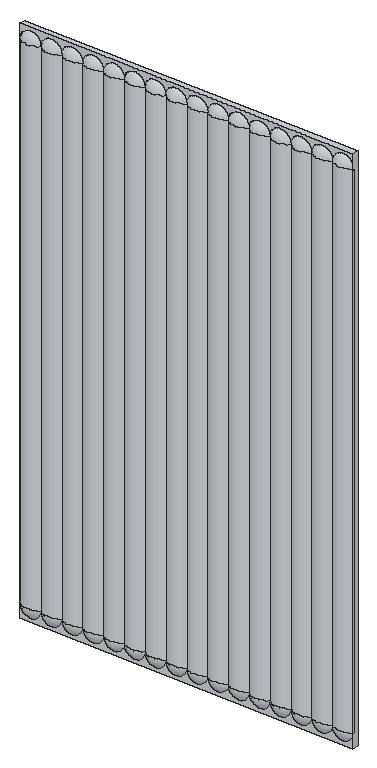
Revit family "OracDecor_W215", category Обобщенные модели, Revit 2019
Family settings
  Может служить основой для арматурных стержней = Нет
  Размер круглого соединителя = Использовать диаметр
  Тип детали = Нормальный
  На основе рабочей плоскости = Нет
  Всегда вертикально = Да
  При загрузке вырезать с полостями = Нет
  Общий = Нет
  Точка расчета площади = Нет
Parameters
  Изготовитель = "Family from POCHERTEAM"  # constant formula
  URL = "t.me/pocherteam"
Reference planes
  plane 1 "По центру (Вперед/Назад)": y = 0
  plane 2: z = 0
  plane 3 "По центру (Влево/Вправо)": x = 0
Forms (mm)
  Extrusion 1, solid
    sketch origin (0, 0, 0) x (1, 0, 0) y (0, 1, 0)
      loop
        line (0, 0) -> (0, -8) -> (500, -8) -> (500, 0) -> (0, 0)
    from 0 to 800
  Extrusion 2, solid
    sketch origin (0, 0, 0) x (1, 0, 0) y (0, 1, 0)
      loop
        arc (0, -8) -> (15.625, -14.7) -> (31.25, -8) r 21.57
        arc (31.25, -8) -> (46.875, -14.7) -> (62.5, -8) r 21.57
        arc (62.5, -8) -> (78.125, -14.7) -> (93.75, -8) r 21.57
        arc (93.75, -8) -> (109.375, -14.7) -> (125, -8) r 21.57
        arc (125, -8) -> (140.625, -14.7) -> (156.25, -8) r 21.57
        arc (156.25, -8) -> (171.875, -14.7) -> (187.5, -8) r 21.57
        arc (187.5, -8) -> (203.125, -14.7) -> (218.75, -8) r 21.57
        arc (218.75, -8) -> (234.375, -14.7) -> (250, -8) r 21.57
        arc (250, -8) -> (265.625, -14.7) -> (281.25, -8) r 21.57
        arc (281.25, -8) -> (296.875, -14.7) -> (312.5, -8) r 21.57
        arc (312.5, -8) -> (328.125, -14.7) -> (343.75, -8) r 21.57
        arc (343.75, -8) -> (359.375, -14.7) -> (375, -8) r 21.57
        arc (375, -8) -> (390.625, -14.7) -> (406.25, -8) r 21.57
        arc (406.25, -8) -> (421.875, -14.7) -> (437.5, -8) r 21.57
        arc (437.5, -8) -> (453.125, -14.7) -> (468.75, -8) r 21.57
        arc (468.75, -8) -> (484.375, -14.7) -> (500, -8) r 21.57
        line (500, -8) -> (500, -7.048) -> (0, -7.048) -> (0, -8)
    from 20.625 to 779.4
  Revolve 3, solid
    sketch origin (0, 0, 20.625) x (1, 0, 0) y (0, 1, 0)
      loop
        line (15.625, -8) -> (0, -8)
        arc (0, -8) -> (7.125, -12.954) -> (15.625, -14.7) r 21.57
        line (15.625, -14.7) -> (15.625, -8)
      axis (15.625, -8) -> (15.625, -14.7)
    angle from 0 to 180
  Revolve 4, solid
    sketch origin (31.25, 0, 20.625) x (1, 0, 0) y (0, 1, 0)
      loop
        line (15.625, -8) -> (0, -8)
        arc (0, -8) -> (7.125, -12.954) -> (15.625, -14.7) r 21.57
        line (15.625, -14.7) -> (15.625, -8)
      axis (15.625, -8) -> (15.625, -14.7)
    angle from 0 to 180
  Revolve 5, solid
    sketch origin (62.5, 0, 20.625) x (1, 0, 0) y (0, 1, 0)
      loop
        line (15.625, -8) -> (0, -8)
        arc (0, -8) -> (7.125, -12.954) -> (15.625, -14.7) r 21.57
        line (15.625, -14.7) -> (15.625, -8)
      axis (15.625, -8) -> (15.625, -14.7)
    angle from 0 to 180
  Revolve 6, solid
    sketch origin (93.75, 0, 20.625) x (1, 0, 0) y (0, 1, 0)
      loop
        line (15.625, -8) -> (0, -8)
        arc (0, -8) -> (7.125, -12.954) -> (15.625, -14.7) r 21.57
        line (15.625, -14.7) -> (15.625, -8)
      axis (15.625, -8) -> (15.625, -14.7)
    angle from 0 to 180
  Revolve 7, solid
    sketch origin (125, 0, 20.625) x (1, 0, 0) y (0, 1, 0)
      loop
        line (15.625, -8) -> (0, -8)
        arc (0, -8) -> (7.125, -12.954) -> (15.625, -14.7) r 21.57
        line (15.625, -14.7) -> (15.625, -8)
      axis (15.625, -8) -> (15.625, -14.7)
    angle from 0 to 180
  Revolve 8, solid
    sketch origin (156.25, 0, 20.625) x (1, 0, 0) y (0, 1, 0)
      loop
        line (15.625, -8) -> (0, -8)
        arc (0, -8) -> (7.125, -12.954) -> (15.625, -14.7) r 21.57
        line (15.625, -14.7) -> (15.625, -8)
      axis (15.625, -8) -> (15.625, -14.7)
    angle from 0 to 180
  Revolve 9, solid
    sketch origin (187.5, 0, 20.625) x (1, 0, 0) y (0, 1, 0)
      loop
        line (15.625, -8) -> (0, -8)
        arc (0, -8) -> (7.125, -12.954) -> (15.625, -14.7) r 21.57
        line (15.625, -14.7) -> (15.625, -8)
      axis (15.625, -8) -> (15.625, -14.7)
    angle from 0 to 180
  Revolve 10, solid
    sketch origin (218.75, 0, 20.625) x (1, 0, 0) y (0, 1, 0)
      loop
        line (15.625, -8) -> (0, -8)
        arc (0, -8) -> (7.125, -12.954) -> (15.625, -14.7) r 21.57
        line (15.625, -14.7) -> (15.625, -8)
      axis (15.625, -8) -> (15.625, -14.7)
    angle from 0 to 180
  Revolve 11, solid
    sketch origin (250, 0, 20.625) x (1, 0, 0) y (0, 1, 0)
      loop
        line (15.625, -8) -> (0, -8)
        arc (0, -8) -> (7.125, -12.954) -> (15.625, -14.7) r 21.57
        line (15.625, -14.7) -> (15.625, -8)
      axis (15.625, -8) -> (15.625, -14.7)
    angle from 0 to 180
  Revolve 12, solid
    sketch origin (281.25, 0, 20.625) x (1, 0, 0) y (0, 1, 0)
      loop
        line (15.625, -8) -> (0, -8)
        arc (0, -8) -> (7.125, -12.954) -> (15.625, -14.7) r 21.57
        line (15.625, -14.7) -> (15.625, -8)
      axis (15.625, -8) -> (15.625, -14.7)
    angle from 0 to 180
  Revolve 13, solid
    sketch origin (312.5, 0, 20.625) x (1, 0, 0) y (0, 1, 0)
      loop
        line (15.625, -8) -> (0, -8)
        arc (0, -8) -> (7.125, -12.954) -> (15.625, -14.7) r 21.57
        line (15.625, -14.7) -> (15.625, -8)
      axis (15.625, -8) -> (15.625, -14.7)
    angle from 0 to 180
  Revolve 14, solid
    sketch origin (343.75, 0, 20.625) x (1, 0, 0) y (0, 1, 0)
      loop
        line (15.625, -8) -> (0, -8)
        arc (0, -8) -> (7.125, -12.954) -> (15.625, -14.7) r 21.57
        line (15.625, -14.7) -> (15.625, -8)
      axis (15.625, -8) -> (15.625, -14.7)
    angle from 0 to 180
  Revolve 15, solid
    sketch origin (375, 0, 20.625) x (1, 0, 0) y (0, 1, 0)
      loop
        line (15.625, -8) -> (0, -8)
        arc (0, -8) -> (7.125, -12.954) -> (15.625, -14.7) r 21.57
        line (15.625, -14.7) -> (15.625, -8)
      axis (15.625, -8) -> (15.625, -14.7)
    angle from 0 to 180
  Revolve 16, solid
    sketch origin (406.25, 0, 20.625) x (1, 0, 0) y (0, 1, 0)
      loop
        line (15.625, -8) -> (0, -8)
        arc (0, -8) -> (7.125, -12.954) -> (15.625, -14.7) r 21.57
        line (15.625, -14.7) -> (15.625, -8)
      axis (15.625, -8) -> (15.625, -14.7)
    angle from 0 to 180
  Revolve 17, solid
    sketch origin (437.5, 0, 20.625) x (1, 0, 0) y (0, 1, 0)
      loop
        line (15.625, -8) -> (0, -8)
        arc (0, -8) -> (7.125, -12.954) -> (15.625, -14.7) r 21.57
        line (15.625, -14.7) -> (15.625, -8)
      axis (15.625, -8) -> (15.625, -14.7)
    angle from 0 to 180
  Revolve 18, solid
    sketch origin (468.75, 0, 20.625) x (1, 0, 0) y (0, 1, 0)
      loop
        line (15.625, -8) -> (0, -8)
        arc (0, -8) -> (7.125, -12.954) -> (15.625, -14.7) r 21.57
        line (15.625, -14.7) -> (15.625, -8)
      axis (15.625, -8) -> (15.625, -14.7)
    angle from 0 to 180
  Revolve 19, solid
    sketch origin (0, 0, 779.4) x (0, -1, 0) y (1, 0, 0)
      loop
        line (8, 15.625) -> (8, 0)
        arc (8, 0) -> (12.954, 7.125) -> (14.7, 15.625) r 21.57
        line (14.7, 15.625) -> (8, 15.625)
      axis (8, 15.625) -> (14.7, 15.625)
    angle from 180 to 360
  Revolve 20, solid
    sketch origin (31.25, 0, 779.4) x (0, -1, 0) y (1, 0, 0)
      loop
        line (8, 15.625) -> (8, 0)
        arc (8, 0) -> (12.954, 7.125) -> (14.7, 15.625) r 21.57
        line (14.7, 15.625) -> (8, 15.625)
      axis (8, 15.625) -> (14.7, 15.625)
    angle from 180 to 360
  Revolve 21, solid
    sketch origin (62.5, 0, 779.4) x (0, -1, 0) y (1, 0, 0)
      loop
        line (8, 15.625) -> (8, 0)
        arc (8, 0) -> (12.954, 7.125) -> (14.7, 15.625) r 21.57
        line (14.7, 15.625) -> (8, 15.625)
      axis (8, 15.625) -> (14.7, 15.625)
    angle from 180 to 360
  Revolve 22, solid
    sketch origin (93.75, 0, 779.4) x (0, -1, 0) y (1, 0, 0)
      loop
        line (8, 15.625) -> (8, 0)
        arc (8, 0) -> (12.954, 7.125) -> (14.7, 15.625) r 21.57
        line (14.7, 15.625) -> (8, 15.625)
      axis (8, 15.625) -> (14.7, 15.625)
    angle from 180 to 360
  Revolve 23, solid
    sketch origin (125, 0, 779.4) x (0, -1, 0) y (1, 0, 0)
      loop
        line (8, 15.625) -> (8, 0)
        arc (8, 0) -> (12.954, 7.125) -> (14.7, 15.625) r 21.57
        line (14.7, 15.625) -> (8, 15.625)
      axis (8, 15.625) -> (14.7, 15.625)
    angle from 180 to 360
  Revolve 24, solid
    sketch origin (156.25, 0, 779.4) x (0, -1, 0) y (1, 0, 0)
      loop
        line (8, 15.625) -> (8, 0)
        arc (8, 0) -> (12.954, 7.125) -> (14.7, 15.625) r 21.57
        line (14.7, 15.625) -> (8, 15.625)
      axis (8, 15.625) -> (14.7, 15.625)
    angle from 180 to 360
  Revolve 25, solid
    sketch origin (187.5, 0, 779.4) x (0, -1, 0) y (1, 0, 0)
      loop
        line (8, 15.625) -> (8, 0)
        arc (8, 0) -> (12.954, 7.125) -> (14.7, 15.625) r 21.57
        line (14.7, 15.625) -> (8, 15.625)
      axis (8, 15.625) -> (14.7, 15.625)
    angle from 180 to 360
  Revolve 26, solid
    sketch origin (218.75, 0, 779.4) x (0, -1, 0) y (1, 0, 0)
      loop
        line (8, 15.625) -> (8, 0)
        arc (8, 0) -> (12.954, 7.125) -> (14.7, 15.625) r 21.57
        line (14.7, 15.625) -> (8, 15.625)
      axis (8, 15.625) -> (14.7, 15.625)
    angle from 180 to 360
  Revolve 27, solid
    sketch origin (250, 0, 779.4) x (0, -1, 0) y (1, 0, 0)
      loop
        line (8, 15.625) -> (8, 0)
        arc (8, 0) -> (12.954, 7.125) -> (14.7, 15.625) r 21.57
        line (14.7, 15.625) -> (8, 15.625)
      axis (8, 15.625) -> (14.7, 15.625)
    angle from 180 to 360
  Revolve 28, solid
    sketch origin (281.25, 0, 779.4) x (0, -1, 0) y (1, 0, 0)
      loop
        line (8, 15.625) -> (8, 0)
        arc (8, 0) -> (12.954, 7.125) -> (14.7, 15.625) r 21.57
        line (14.7, 15.625) -> (8, 15.625)
      axis (8, 15.625) -> (14.7, 15.625)
    angle from 180 to 360
  Revolve 29, solid
    sketch origin (312.5, 0, 779.4) x (0, -1, 0) y (1, 0, 0)
      loop
        line (8, 15.625) -> (8, 0)
        arc (8, 0) -> (12.954, 7.125) -> (14.7, 15.625) r 21.57
        line (14.7, 15.625) -> (8, 15.625)
      axis (8, 15.625) -> (14.7, 15.625)
    angle from 180 to 360
  Revolve 30, solid
    sketch origin (343.75, 0, 779.4) x (0, -1, 0) y (1, 0, 0)
      loop
        line (8, 15.625) -> (8, 0)
        arc (8, 0) -> (12.954, 7.125) -> (14.7, 15.625) r 21.57
        line (14.7, 15.625) -> (8, 15.625)
      axis (8, 15.625) -> (14.7, 15.625)
    angle from 180 to 360
  Revolve 31, solid
    sketch origin (375, 0, 779.4) x (0, -1, 0) y (1, 0, 0)
      loop
        line (8, 15.625) -> (8, 0)
        arc (8, 0) -> (12.954, 7.125) -> (14.7, 15.625) r 21.57
        line (14.7, 15.625) -> (8, 15.625)
      axis (8, 15.625) -> (14.7, 15.625)
    angle from 180 to 360
  Revolve 32, solid
    sketch origin (406.25, 0, 779.4) x (0, -1, 0) y (1, 0, 0)
      loop
        line (8, 15.625) -> (8, 0)
        arc (8, 0) -> (12.954, 7.125) -> (14.7, 15.625) r 21.57
        line (14.7, 15.625) -> (8, 15.625)
      axis (8, 15.625) -> (14.7, 15.625)
    angle from 180 to 360
  Revolve 33, solid
    sketch origin (437.5, 0, 779.4) x (0, -1, 0) y (1, 0, 0)
      loop
        line (8, 15.625) -> (8, 0)
        arc (8, 0) -> (12.954, 7.125) -> (14.7, 15.625) r 21.57
        line (14.7, 15.625) -> (8, 15.625)
      axis (8, 15.625) -> (14.7, 15.625)
    angle from 180 to 360
  Revolve 34, solid
    sketch origin (468.75, 0, 779.4) x (0, -1, 0) y (1, 0, 0)
      loop
        line (8, 15.625) -> (8, 0)
        arc (8, 0) -> (12.954, 7.125) -> (14.7, 15.625) r 21.57
        line (14.7, 15.625) -> (8, 15.625)
      axis (8, 15.625) -> (14.7, 15.625)
    angle from 180 to 360
  Revolve 35, solid
    sketch origin (0, 0, 779.4) x (1, 0, 0) y (0, 1, 0)
      loop
        line (15.625, -8) -> (0, -8)
        arc (0, -8) -> (7.125, -12.954) -> (15.625, -14.7) r 21.57
        line (15.625, -14.7) -> (15.625, -8)
      axis (15.625, -8) -> (15.625, -14.7)
    angle from 180 to 360
  Revolve 36, solid
    sketch origin (31.25, 0, 779.4) x (1, 0, 0) y (0, 1, 0)
      loop
        line (15.625, -8) -> (0, -8)
        arc (0, -8) -> (7.125, -12.954) -> (15.625, -14.7) r 21.57
        line (15.625, -14.7) -> (15.625, -8)
      axis (15.625, -8) -> (15.625, -14.7)
    angle from 180 to 360
  Revolve 37, solid
    sketch origin (62.5, 0, 779.4) x (1, 0, 0) y (0, 1, 0)
      loop
        line (15.625, -8) -> (0, -8)
        arc (0, -8) -> (7.125, -12.954) -> (15.625, -14.7) r 21.57
        line (15.625, -14.7) -> (15.625, -8)
      axis (15.625, -8) -> (15.625, -14.7)
    angle from 180 to 360
  Revolve 38, solid
    sketch origin (93.75, 0, 779.4) x (1, 0, 0) y (0, 1, 0)
      loop
        line (15.625, -8) -> (0, -8)
        arc (0, -8) -> (7.125, -12.954) -> (15.625, -14.7) r 21.57
        line (15.625, -14.7) -> (15.625, -8)
      axis (15.625, -8) -> (15.625, -14.7)
    angle from 180 to 360
  Revolve 39, solid
    sketch origin (125, 0, 779.4) x (1, 0, 0) y (0, 1, 0)
      loop
        line (15.625, -8) -> (0, -8)
        arc (0, -8) -> (7.125, -12.954) -> (15.625, -14.7) r 21.57
        line (15.625, -14.7) -> (15.625, -8)
      axis (15.625, -8) -> (15.625, -14.7)
    angle from 180 to 360
  Revolve 40, solid
    sketch origin (156.25, 0, 779.4) x (1, 0, 0) y (0, 1, 0)
      loop
        line (15.625, -8) -> (0, -8)
        arc (0, -8) -> (7.125, -12.954) -> (15.625, -14.7) r 21.57
        line (15.625, -14.7) -> (15.625, -8)
      axis (15.625, -8) -> (15.625, -14.7)
    angle from 180 to 360
  Revolve 41, solid
    sketch origin (187.5, 0, 779.4) x (1, 0, 0) y (0, 1, 0)
      loop
        line (15.625, -8) -> (0, -8)
        arc (0, -8) -> (7.125, -12.954) -> (15.625, -14.7) r 21.57
        line (15.625, -14.7) -> (15.625, -8)
      axis (15.625, -8) -> (15.625, -14.7)
    angle from 180 to 360
  Revolve 42, solid
    sketch origin (218.75, 0, 779.4) x (1, 0, 0) y (0, 1, 0)
      loop
        line (15.625, -8) -> (0, -8)
        arc (0, -8) -> (7.125, -12.954) -> (15.625, -14.7) r 21.57
        line (15.625, -14.7) -> (15.625, -8)
      axis (15.625, -8) -> (15.625, -14.7)
    angle from 180 to 360
  Revolve 43, solid
    sketch origin (250, 0, 779.4) x (1, 0, 0) y (0, 1, 0)
      loop
        line (15.625, -8) -> (0, -8)
        arc (0, -8) -> (7.125, -12.954) -> (15.625, -14.7) r 21.57
        line (15.625, -14.7) -> (15.625, -8)
      axis (15.625, -8) -> (15.625, -14.7)
    angle from 180 to 360
  Revolve 44, solid
    sketch origin (281.25, 0, 779.4) x (1, 0, 0) y (0, 1, 0)
      loop
        line (15.625, -8) -> (0, -8)
        arc (0, -8) -> (7.125, -12.954) -> (15.625, -14.7) r 21.57
        line (15.625, -14.7) -> (15.625, -8)
      axis (15.625, -8) -> (15.625, -14.7)
    angle from 180 to 360
  Revolve 45, solid
    sketch origin (312.5, 0, 779.4) x (1, 0, 0) y (0, 1, 0)
      loop
        line (15.625, -8) -> (0, -8)
        arc (0, -8) -> (7.125, -12.954) -> (15.625, -14.7) r 21.57
        line (15.625, -14.7) -> (15.625, -8)
      axis (15.625, -8) -> (15.625, -14.7)
    angle from 180 to 360
  Revolve 46, solid
    sketch origin (343.75, 0, 779.4) x (1, 0, 0) y (0, 1, 0)
      loop
        line (15.625, -8) -> (0, -8)
        arc (0, -8) -> (7.125, -12.954) -> (15.625, -14.7) r 21.57
        line (15.625, -14.7) -> (15.625, -8)
      axis (15.625, -8) -> (15.625, -14.7)
    angle from 180 to 360
  Revolve 47, solid
    sketch origin (375, 0, 779.4) x (1, 0, 0) y (0, 1, 0)
      loop
        line (15.625, -8) -> (0, -8)
        arc (0, -8) -> (7.125, -12.954) -> (15.625, -14.7) r 21.57
        line (15.625, -14.7) -> (15.625, -8)
      axis (15.625, -8) -> (15.625, -14.7)
    angle from 180 to 360
  Revolve 48, solid
    sketch origin (406.25, 0, 779.4) x (1, 0, 0) y (0, 1, 0)
      loop
        line (15.625, -8) -> (0, -8)
        arc (0, -8) -> (7.125, -12.954) -> (15.625, -14.7) r 21.57
        line (15.625, -14.7) -> (15.625, -8)
      axis (15.625, -8) -> (15.625, -14.7)
    angle from 180 to 360
  Revolve 49, solid
    sketch origin (437.5, 0, 779.4) x (1, 0, 0) y (0, 1, 0)
      loop
        line (15.625, -8) -> (0, -8)
        arc (0, -8) -> (7.125, -12.954) -> (15.625, -14.7) r 21.57
        line (15.625, -14.7) -> (15.625, -8)
      axis (15.625, -8) -> (15.625, -14.7)
    angle from 180 to 360
  Revolve 50, solid
    sketch origin (468.75, 0, 779.4) x (1, 0, 0) y (0, 1, 0)
      loop
        line (15.625, -8) -> (0, -8)
        arc (0, -8) -> (7.125, -12.954) -> (15.625, -14.7) r 21.57
        line (15.625, -14.7) -> (15.625, -8)
      axis (15.625, -8) -> (15.625, -14.7)
    angle from 180 to 360
Cuts and joins
  joined: Revolve 4, Revolve 5, Revolve 6
Dimensions and locks
  Extrusion 1 to level = 800 mm  (x2)
  Extrusion 1 to Extrusion 1 = 500 mm
  Extrusion 2 to plane 1 "По центру (Вперед/Назад)" = 14.7 mm
  aligned and locked: level to plane 2
